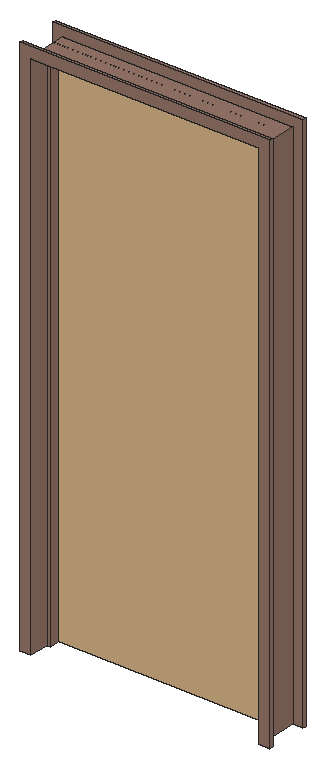
Revit family
Parameters (values of type "36" x 84"x 1.75"")
  Visibility [instance] = yes
  Push Swing Clearance [instance] = if(Closer Option input 1 for closer = 1, if(Push Option = 3, 4' 0", if(Push Option = 2, 4' 0", if(Push Option = 1, 4' 0", 0' 0"))), if(Push Option = 3, 4' 0", if(Push Option = 2, 3' 6", if(Push Option = 1, 3' 6", 0' 0"))))  # 4' - 0"
  Push Side Latch Approach (1) [instance] = Push Option = 1  # no
  Push Side Hinge Approach (2) [instance] = Push Option = 2  # no
  Push Side Front Approach (3) [instance] = Push Option = 3  # yes
  Push Option [instance] = 3
  Pull Side Latch Approach (1) [instance] = Pull Option = 1  # no
  Push Latch Clearance [instance] = if(Latch Option input 1 for latch = 1, if(Closer Option input 1 for closer = 1, if(Push Option = 3, 1' 0", if(Push Option = 2, 0' 0", if(Push Option = 1, 2' 0", 0' 0"))), if(Push Option = 3, 0' 0", if(Push Option = 2, 0' 0", if(Push Option = 1, 2' 0", 0' 0")))), if(Push Option = 3, 0' 0", if(Push Option = 2, 0' 0", if(Push Option = 1, 2' 0", 0' 0"))))  # 0' - 0"
  Push Hinge Clearance [instance] = if(Push Option = 3, 0' 0", if(Push Option = 2, 4' 6" - Width, if(Push Option = 1, 0' 0", 0' 0")))  # 0' - 0"
  Pull Swing Clearance [instance] = if(Closer Option input 1 for closer = 1, if(Pull Option = 4, 5' 0", if(Pull Option = 3, 5' 0", if(Pull Option = 2, 4' 6", if(Pull Option = 1, 4' 6", 0' 0")))), if(Pull Option = 4, 5' 0", if(Pull Option = 3, 5' 0", if(Pull Option = 2, 4' 6", if(Pull Option = 1, 4' 0", 0' 0")))))  # 5' - 0"
  Pull Side Hinge Approach (2) Swing Clr 54 inches [instance] = Pull Option = 2  # no
  Pull Side Hinge Approach (3) Swing Clr 60 inches [instance] = Pull Option = 3  # no
  Pull Side Front Approach (4) [instance] = Pull Option = 4  # yes
  Pull Option [instance] = 4
  Pull Latch Clearance [instance] = if(Pull Option = 4, 1' 6", if(Pull Option = 3, 3' 0", if(Pull Option = 2, 3' 6", if(Pull Option = 1, 2' 0", 0' 0"))))  # 1' - 6"
  Pull Hinge Clearance [instance] = if(Pull Option = 4, 0' 0", if(Pull Option = 3, 0' 0", if(Pull Option = 2, 0' 0", if(Pull Option = 1, 0' 0", 0' 0"))))  # 0' - 0"
  PLEASE READ [instance] = "This family is free to share, however it is recommended that you verify prior to use, it’s accuracy and compliance with current ADA standards. This frame type will flex with the wall thickness and was profiled as a Timely type interior steel door frame. Creation date 11-27-08 c.kilgore.  Enjoy!"
  Operator Set [instance] = ""
  OPERATING DIRECTIONS [instance] = "Select the (Push Option) below as 1,2 or 3 based on the Approach direction indicated directly above this parameter.  Then select the (Pull Option) below as 1,2,3 or 4 based on the Approach direction and Swing Clearance indicated directly above this parameter.  Then select the (Latch Option) with 1=Latch and any other number as No Latch.  Then select the (Closer Option) with 1=Closer and any other number as No Closer."
  Latch Option input 1 for latch [instance] = 1
  Latch [instance] = Latch Option input 1 for latch = 1  # yes
  Frame Material [instance] = ""
  Frame [instance] = ""
  Door Type [instance] = ""
  Door Thickness [instance] = 0' - 1 3/4"
  Door Material [instance] = ""
  Construction Type = ""
  Closer Option input 1 for closer [instance] = 0
  Closer [instance] = Closer Option input 1 for closer = 1  # no
  Assembly Code = "C1020320"
  Door Finish = Door - Panel
  Frame Finish = Door - Frame
  Height = 7' - 0"
  Trim Projection Ext = 0' - 1"
  Trim Projection Int = 0' - 1"
  Trim Width = 0' - 3"
  Wall Closure = (empty or 0)
  Width = 3' - 0"
Reference planes (in)
  plane 1: y = 0
  plane 2: z = 0
  plane 3: x = 0
  plane 4: x = -18
  plane 5: x = 18
  plane 6: z = 84
Forms (in)
  Extrusion 1, solid, material "Door - Panel" <- "Door Finish"
    sketch origin (0, 0, 0) x (1, 0, 0) y (0, 0, 1)
      loop
        line (-18, 84) -> (-18, 0) -> (18, 0) -> (18, 84) -> (-18, 84)
    from -3 to -1.25
  Sweep 2, solid, material "Door - Frame"
    path origin (0, 0, 0) x (0, 0, -1) y (1, 0, 0)
      loop
        line (0, -18) -> (-84, -18) -> (-84, 18) -> (0, 18)
    profile origin (-18, 0, 42) x (-1, 0, 0) y (0, -1, 0)
      loop
        line (-0.11674, -1) -> (-0.11674, -3.5) -> (1.63326, -3.5) -> (1.63326, -3) -> (0.0664, -3) -> (0.0664, 3) -> (1.63326, 3) -> (1.63326, 3.5) -> (-0.11674, 3.5) -> (-0.11674, 0.5) -> (-0.75, 0.5) -> (-0.75, -1) -> (-0.11674, -1)
Lines and regions (in)
  Opening 1
    outline origin (-60, -3, 144) x (0, 0, -1) y (1, 0, 0)
      loop
        line (60, 42) -> (144, 42) -> (144, 78) -> (60, 78) -> (60, 42)
  symbolic lines, style "DoorsPanelProjection"
    curve 1: line (18, 3, 0) -> (18, 39.04251, 0)
  symbolic lines, style "Elevation Swing"
    curve 2: line (-18, -3, 0) -> (18, -3, 42)
    curve 3: line (-18, -3, 84) -> (18, -3, 42)
    curve 4: line (-18, 3, 84) -> (18, 3, 42)
    curve 5: line (-18, 3, 0) -> (18, 3, 42)
  symbolic lines, style "Plan Swing"
    curve 6: arc (18, 39.04251, 0) -> (-7.4859, 28.4859, 0) -> (-18.04251, 3, 0) r 36.04251
  symbolic lines, style "ADA Clearance", visible <- "Visibility"
    curve 7: line (-35.88326, 3, 0) -> (-35.88326, 63, 0)
    curve 8: line (-35.88326, 63, 0) -> (18, 63, 0)
    curve 9: line (18, 63, 0) -> (18, 3, 0)
    curve 10: line (-18, -3, 0) -> (-18, -51, 0)
    curve 11: line (-18, -51, 0) -> (18, -51, 0)
    curve 12: line (18, -51, 0) -> (18, -3, 0)
  symbolic lines, style "ADA Clearance", not visible
    curve 13: line (-36.80851, 3, 0) -> (-36.80851, 43, 0)
    curve 14: line (-36.80851, 43, 0) -> (30.19149, 43, 0)
    curve 15: line (30.19149, 43, 0) -> (30.19149, 3, 0)
    curve 16: line (-36.80851, -3, 0) -> (-36.80851, -22, 0)
    curve 17: line (-36.80851, -22, 0) -> (30.19149, -22, 0)
    curve 18: line (30.19149, -22, 0) -> (30.19149, -3, 0)
  symbolic lines, style "DoorsFrameMullionProjection"
    curve 19: line (-19.63326, 3, 0) -> (-19.63326, -3, 0)
    curve 20: line (19.63326, 3, 0) -> (19.63326, -3, 0)
Dimensions and locks (in)
  equal spacing: plane 4, plane 3, plane 5
  "Width": plane 4 to plane 5
  "Height": plane 6 to plane 2
  equal spacing: plane 6, curve 3, level
  "Door Thickness": Extrusion 1 to host wall
  locked: Sweep 2 sketch curve to Sweep 2 sketch curve at 0.5  (x2)
  locked: Sweep 2 sketch curve to host wall at 0  (x2)
  "Pull Latch Clearance": curve 7 to Sweep 2
  "Push Latch Clearance": curve 10 to plane 4
  "Pull Swing Clearance": curve 8 to host wall
  "Push Swing Clearance": curve 11 to host wall
  "Pull Hinge Clearance": plane 5 to curve 9
  "Push Hinge Clearance": plane 5 to curve 12
  aligned and locked: host wall to Extrusion 1
  aligned and locked: plane 4 to curve 2
  aligned and locked: plane 6 to curve 3
  aligned and locked: curve 6 to curve 4
  aligned: Sweep 2 to curve 20
  aligned: curve 20 to Sweep 2  (x2)
Automatic sketch dimensions
  Opening 1 sketch curve to plane 6 = 0' - 0"
  Opening 1 sketch curve to level = 0' - 0"
  Opening 1 sketch curve to plane 4 = 0' - 0"
  Opening 1 sketch curve to plane 5 = 0' - 0"
  Extrusion 1 sketch curve to plane 4 = 0' - 0"
  Extrusion 1 sketch curve to plane 5 = 0' - 0"
  Extrusion 1 sketch curve to level = 0' - 0"
  Extrusion 1 sketch curve to plane 6 = 0' - 0"
  curve 4 to plane 4 = 0' - 0"
  curve 4 to plane 6 = 0' - 0"
  curve 4 to plane 5 = 0' - 0"
  curve 5 to level = 0' - 0"
  curve 2 to level = 0' - 0"
  curve 4 to curve 2 = 0' - 0"
  curve 5 to plane 4 = 0' - 0"
  curve 3 to plane 4 = 0' - 0"
  curve 2 to plane 5 = 0' - 0"
  Sweep 2 sketch curve to plane 4 = 0' - 0"
  Sweep 2 sketch curve to plane 6 = 0' - 0"
  Sweep 2 sketch curve to plane 5 = 0' - 0"
  Sweep 2 sketch curve to level = 0' - 0"  (x2)
  profile plane to Sweep 2 sketch curve = 0' - 0 3/4"
  profile plane to Sweep 2 sketch curve = 0' - 0.11674"  (x2)
  Sweep 2 sketch curve to profile plane = 0' - 0 17/256"
  Sweep 2 sketch curve to Sweep 2 sketch curve = 0' - 1.56686"  (x2)
  Sweep 2 sketch curve to profile plane = 0' - 1"
  profile plane to Sweep 2 sketch curve = 0' - 0 1/2"
  curve 10 to curve 12 = 3' - 0"
  curve 11 to curve 12 = 4' - 0"
  curve 10 to curve 10 = 4' - 0"
  curve 16 to curve 18 = 5' - 7"
  curve 17 to curve 18 = 1' - 7"
  curve 16 to curve 16 = 1' - 7"
  curve 1 to plane 5 = 0' - 0"
  curve 1 to host wall = 0' - 0"
  plane 4 to curve 6 = 0' - 0.04251"
  curve 19 to host wall = 0' - 0"  (x2)
  curve 20 to host wall = 0' - 0"  (x2)
  curve 10 to host wall = 0' - 0"
  curve 12 to host wall = 0' - 0"
  curve 7 to host wall = 0' - 0"
  curve 9 to host wall = 0' - 0"
  plane 4 to curve 19 = 0' - 1.63326"
  curve 12 to curve 20 = 0' - 1.63326"
